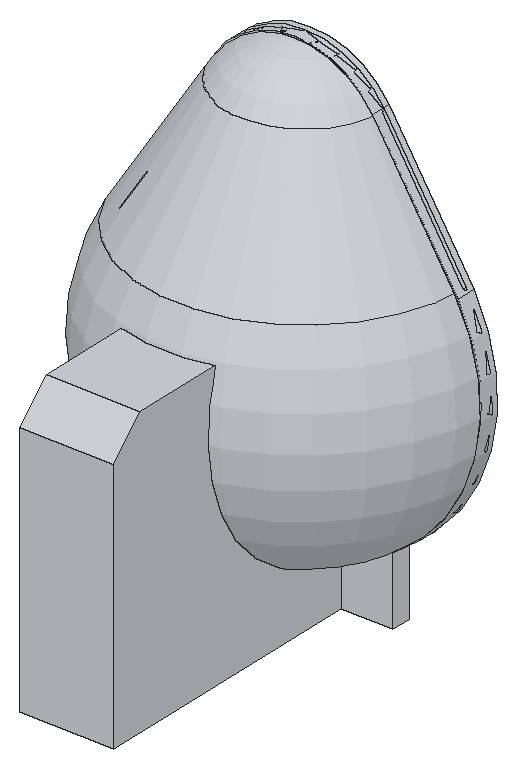
Revit family "Toilet Center", category Plumbing Fixtures, host Face, Revit 2014
Parameters
  Default Elevation = 4' - 0"
Reference planes (in)
  plane 1 "Center (Front/Back)": y = 0
  plane 2: z = 0
  plane 3 "Center (Left/Right)": x = 0
  plane 4: x = 3.65625
  plane 5: x = -3.65625
  plane 6: x = 7
  plane 7: x = -7
  plane 8: z = 7.5
  plane 9: z = 17.59375
  plane 10: z = 0.5
  plane 11: z = 12.0731
  plane 12: z = 16.9481
  plane 13: x = 3
  plane 14: x = -3
  plane 15: z = 16.09375
  plane 16: y = -0.25
  plane 17: y = -0.75
  plane 18: z = 1.0106
Forms (in)
  Revolve 1, solid
    sketch origin (0, -0.25, -4.18565) x (0, 0, -1) y (-1, 0, 0)
      loop
        arc (-16.25875, -6.02566) -> (-9.22764, -6.08019) -> (-5.69625, 0) r 7
        line (-5.69625, 0) -> (-6.19625, 0)
        arc (-6.19625, 0) -> (-9.4731, -5.64458) -> (-15.99973, -5.59794) r 6.5
        line (-15.99973, -5.59794) -> (-20.8721, -2.57392)
        arc (-20.8721, -2.57392) -> (-21.91777, -1.47245) -> (-22.28998, 0) r 3
        line (-22.28998, 0) -> (-22.79, 0)
        arc (-22.79, 0) -> (-22.35472, -1.71553) -> (-21.13577, -2.99875) r 3.5
        line (-21.13577, -2.99875) -> (-16.25875, -6.02566)
      axis (-22.79, 0) -> (-5.69625, 0)
    angle from 0 to 180
  Extrusion 2, solid
    sketch origin (0, -0.25, -4.40074) x (0, 0, -1) y (-1, 0, 0)
      loop
        arc (-16.31246, -6.11221) -> (-11.15584, -6.77641) -> (-6.96698, -3.69657) r 6.99024
        line (-6.96698, -3.69657) -> (-4.40074, -3.69657) -> (-4.40074, 3.65625) -> (-6.9421, 3.65625)
        arc (-6.9421, 3.65625) -> (-11.2049, 6.78845) -> (-16.44046, 6.03277) r 6.98205
        line (-16.44046, 6.03277) -> (-21.4104, 2.94819)
        arc (-21.4104, 2.94819) -> (-23.00527, 0) -> (-21.4104, -2.94819) r 3.52237
        line (-21.4104, -2.94819) -> (-16.31246, -6.11221)
      loop
        line (-20.34476, -1.63051) -> (-15.05004, -3.88749)
        arc (-15.05004, -3.88749) -> (-8.1517, 0) -> (-15.05004, 3.88749) r 4.54455
        line (-15.05004, 3.88749) -> (-20.34476, 1.63051)
        arc (-20.34476, 1.63051) -> (-21.22494, 0) -> (-20.34476, -1.63051) r 1.95034
    from 0.25 to -0.5
  Extrusion 3, solid
    sketch origin (0, 0, 0) x (0, 1, 0) y (0, 0, 1)
      loop
        line (-6.66742, 10.75334) -> (-10.16742, 10.75334) -> (-11.40486, 9.5159) -> (-11.40486, 0) -> (-0.75, 0) -> (-0.75, 1.51831) -> (-0.75, 1.76831)
        arc (-0.75, 1.76831) -> (-5.75593, 4.91255) -> (-6.66742, 10.75334) r 7.12793
    from 1.75 to -1.75
Dimensions and locks (in)
  equal spacing: plane 4, plane 3 "Center (Left/Right)", plane 5
  plane 4 to plane 5 = 0' - 7 5/16"
  host face to plane 10 = 0' - 0 1/2"
  plane 10 to plane 8 = 0' - 7"
  plane 8 to plane 9 = 0' - 10 3/32"
  equal spacing: plane 6, plane 3 "Center (Left/Right)", plane 7
  plane 8 to plane 11 = 0' - 4.5731"
  plane 8 to plane 12 = 0' - 9.4481"
  equal spacing: plane 13, plane 3 "Center (Left/Right)", plane 14
  plane 15 to plane 9 = 0' - 1 1/2"
  plane 10 to host face = 0' - 0 1/2"
  plane 18 to host face = 0' - 1.0106"
  aligned and locked: plane 2 to host face
  aligned and locked: level to host face
  aligned and locked: plane 1 "Center (Front/Back)" to Extrusion 2
Automatic sketch dimensions
  host sketch curve to host sketch curve = 8' - 0"  (x2)
  Revolve 1 sketch curve to Revolve 1 sketch curve = 0' - 0"  (x4)
  Revolve 1 sketch curve to plane 3 "Center (Left/Right)" = 0' - 0"  (x3)
  plane 9 to Revolve 1 sketch curve = 0' - 1.0106"  (x2)
  Revolve 1 sketch curve to plane 11 = 0' - 0"
  plane 8 to Revolve 1 sketch curve = 0' - 1.0106"
  plane 10 to Revolve 1 sketch curve = 0' - 1.0106"  (x2)
  Revolve 1 sketch curve to Revolve 1 sketch curve = 0' - 0 1/2"  (x2)
  Revolve 1 sketch curve to plane 13 = 0' - 0.00125"
  plane 12 to Revolve 1 sketch curve = 0' - 0.00202"
  Revolve 1 sketch curve to plane 12 = 0' - 0.26165"
  plane 3 "Center (Left/Right)" to Revolve 1 sketch curve = 0' - 0.02495"
  Revolve 1 sketch curve to plane 11 = 0' - 0.25901"
  Extrusion 2 sketch curve to plane 3 "Center (Left/Right)" = 0' - 0"  (x3)
  Extrusion 2 sketch curve to plane 5 = 0' - 0"
  Extrusion 2 sketch curve to level = 0' - 0"
  plane 18 to Extrusion 2 sketch curve = 0' - 1.53076"
  plane 4 to Extrusion 2 sketch curve = 0' - 0.04032"
  plane 18 to Extrusion 2 sketch curve = 0' - 1.55564"
  plane 8 to Extrusion 2 sketch curve = 0' - 0.7955"
  Extrusion 2 sketch curve to plane 3 "Center (Left/Right)" = 0' - 0.01519"
  Extrusion 2 sketch curve to Extrusion 2 sketch curve = 0' - 0.20334"
  plane 3 "Center (Left/Right)" to Extrusion 2 sketch curve = 0' - 0.00861"
  Extrusion 2 sketch curve to Extrusion 2 sketch curve = 0' - 0.00561"
  plane 4 to Extrusion 2 sketch curve = 0' - 0.23124"
  plane 8 to Extrusion 2 sketch curve = 0' - 3.1493"
  Extrusion 2 sketch curve to plane 5 = 0' - 0.23124"
  Extrusion 2 sketch curve to plane 6 = 0' - 0.88779"
  plane 7 to Extrusion 2 sketch curve = 0' - 0.96723"
  Extrusion 2 sketch curve to plane 15 = 0' - 1.21989"
  Extrusion 2 sketch curve to Extrusion 2 sketch curve = 0' - 0.2083"
  Extrusion 2 sketch curve to plane 15 = 0' - 0.14973"  (x2)
  plane 3 "Center (Left/Right)" to Extrusion 2 sketch curve = 0' - 1.63051"
  Extrusion 2 sketch curve to plane 9 = 0' - 0.58409"  (x2)
  Extrusion 2 sketch curve to plane 4 = 0' - 0.70806"
  Extrusion 3 sketch curve to level = 0' - 0"
  Extrusion 3 sketch curve to plane 17 = 0' - 0"
  Extrusion 3 sketch curve to plane 17 = 0' - 5.91742"
  Extrusion 3 sketch curve to Extrusion 3 sketch curve = 0' - 3 1/2"
  plane 8 to Extrusion 3 sketch curve = 0' - 2.0159"
  Extrusion 3 sketch curve to Extrusion 3 sketch curve = 0' - 1.23744"
  Extrusion 3 sketch curve to plane 1 "Center (Front/Back)" = 0' - 0.19698"
  plane 18 to Extrusion 3 sketch curve = 0' - 0.50771"
  Extrusion 3 sketch curve to Extrusion 3 sketch curve = 0' - 0 1/4"
  Extrusion 3 sketch curve to Extrusion 3 sketch curve = 0' - 7.06475"
